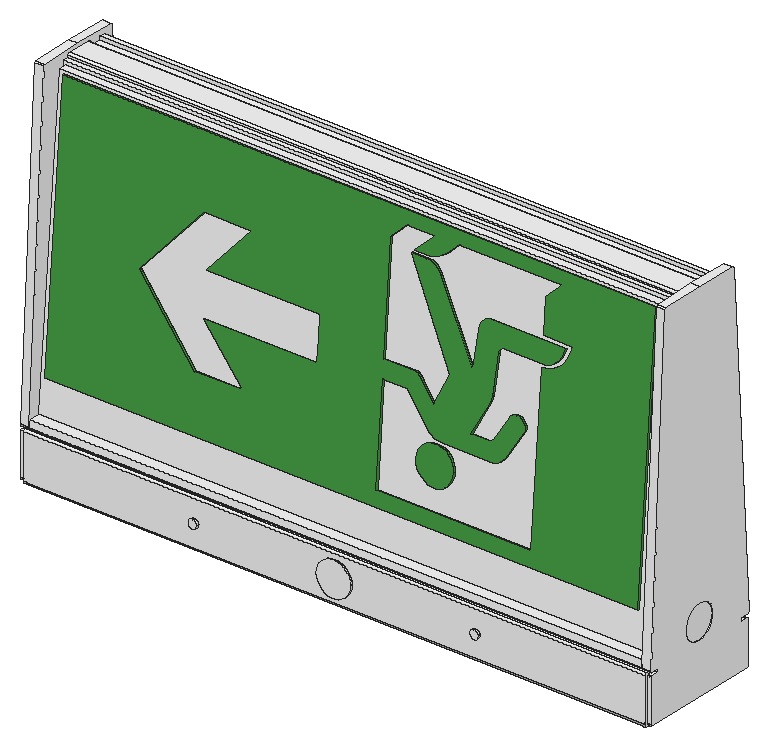
Revit family "CCFPRO-HVG_AUA02910040001", category Lighting Fixtures, host Face, Revit 2021
Family settings
  Host = Face
  Round Connector Dimension = Use Diameter
  Part Type = Normal
  Cut with Voids When Loaded = No
  Light Source = Yes
  Shared = No
  Room Calculation Point = No
Parameters (values of type "Running Man Common arrow")
  URL = "https://clevertronics.com.au/exit-lights/cleverfit-pro"
  Wattage = 0.0140351 W
  built-in parameter 1150110 = 1 (stored number, unit not read)
  built-in parameter 1150109 = 1 (stored number, unit not read)
  built-in parameter 1150134 = 4
  built-in parameter 1150113 = 1 (stored number, unit not read)
  Tilt Angle = -90.00°
  Straight line 'Face two' = no
  Straight line 'Face one' = no
  Runing Man common arrow = yes
  Photometric Web File = "ll20952 - CCFPRO-ZW (CT10622, Classification).IES"
  Model = "CCFPRO-HVG"  # constant formula
  Manufacturer = "Clevertronics"  # constant formula
  Description = "Cleverfit Pro Exit, Surface Mount, LP, Zoneworks XT Hive 2.4GHz, All Pictograms, Single or Double Sided\r\r"  # constant formula
  CreatedBy = "https://mepros-eng.com/"  # constant formula
  Clevertronics_Width = 72 mm
  Clevertronics_Weight = "2.5Kg"  # constant formula
  Clevertronics_Viewing Distance = "24m"  # constant formula
  Clevertronics_Total Lumen Output = ""
  Clevertronics_Testing System = "Zoneworks XT HIVE (RF), 2.4GHz\r"  # constant formula
  Clevertronics_Testing Node = "Hive Note : 8003560"  # constant formula
  Clevertronics_Replacement Lamp = "LED Strip : 8002710"  # constant formula
  Clevertronics_Replacement Driver = "EM Driver : 8003152"  # constant formula
  Clevertronics_Replacement Battery = "Battery : 1550105"  # constant formula
  Clevertronics_Product Description = "Cleverfit Pro Exit, Surface Mount, LP, Zoneworks XT Hive 2.4GHz, All Pictograms, Single or Double Sided\r"  # constant formula
  Clevertronics_Power Consumption = "2.8 Watts (Standby), 3.9 Watts (Max)"  # constant formula
  Clevertronics_Other Modules = ""
  Clevertronics_Operating Voltage = "240V AC; 50Hz"  # constant formula
  Clevertronics_Operating Temperature = "1˚C to 40˚C"  # constant formula
  Clevertronics_Operating Mode = "Maintained"  # constant formula
  Clevertronics_Mounting = "Wall, Ceiling Single-Sided & Ceiling Double-Sided"  # constant formula
  Clevertronics_Material = Clevertronics_Plastic
  Lumens = 0.2 lm
  built-in parameter 1114217 = 1 (stored number, unit not read)
  built-in parameter 1150115 = 1 (stored number, unit not read)
  built-in parameter 1150105 = 0.015915 (stored number, unit not read)
  built-in parameter 1150137 = 1
  built-in parameter 1150139 = (empty or 0)
  built-in parameter 1150112 = 1 (stored number, unit not read)
  built-in parameter 1150114 = 1 (stored number, unit not read)
  Lamp = "6 x Duris E2 LED, 100,000 hours\r"  # constant formula
  built-in parameter 1150132 = 2
  built-in parameter 1150102 = (empty or 0)
  built-in parameter 1150138 = (empty or 0)
  built-in parameter 1150107 = 2800 (stored number, unit not read)
  Indication Right 'Face one' = no
  Indication Right 'Face Two' = no
  Indication Left 'Face one' = no
  Indication Left 'Face Two' = yes
  built-in parameter 1150106 = 0.00015915 (stored number, unit not read)
  built-in parameter 1150104 = 1.3239 (stored number, unit not read)
  Dimming Lamp Color Temperature Shift = <None>
  Default Elevation = 1200 mm
  Color Filter = 16777215
  Clevertronics_Stacked Symbol Position [instance] = 0
  Clevertronics_MIC Number = "AUA02910040001"  # constant formula
  Clevertronics_Length = 367 mm
  Clevertronics_Inverter / Charger = ""
  Clevertronics_IP Rating = "IP20"  # constant formula
  Clevertronics_IK Rating = "N/A"  # constant formula
  Clevertronics_Height = 214 mm
  Clevertronics_Dimensions Main Enclosure = "N/A"  # constant formula
  Clevertronics_Diffuser = "All directional inserts included in the box"  # constant formula
  Clevertronics_Construction = "Fire-retardant PC/ABS Body with Polycarbonate Diffuser"  # constant formula
  Clevertronics_Charger Method = "Intelligent Current Limited Constant Voltage"  # constant formula
  Clevertronics_Battery Type = "Lithium Iron Phosphate"  # constant formula
  Clevertronics_Battery = " 3.2V 1100mAh"  # constant formula
  Clevertronics_Applicable Standards = "AS/NZS3820, CISPR15, AS/NZS2293.3"  # constant formula
  Clevertronics_Annotation Vertical Offset [instance] = 0 mm
  Clevertronics_Annotation Size = 0 mm
  Clevertronics_Annotation Horizontal Offset [instance] = 0 mm
  Clevertronics_AS2293 Classification = "C0=D3.2 C90=B16"  # constant formula
  built-in parameter 1140040 [instance] = 1
  built-in parameter 1114218 = 1 (stored number, unit not read)
  built-in parameter 1150133 = 10 (stored number, unit not read)
  Assembly Code = ""
  Apparent Load = 2.8 VA  # constant formula
Types (5, lengths in mm): name | Straight line 'Face two' | Straight line 'Face one' | Runing Man common arrow | Indication Right 'Face one' | Indication Left 'Face one' | Indication Left 'Face Two' | Clevertronics_Stacked Symbol Position
  Runing Man Single | no | yes | no | no | no | no | 0
  Running Man Common arrow | no | no | yes | no | no | yes | 0
  Runing Man Right (Single) | no | no | no | yes | no | no | 0
  Runing Man Double Sided | yes | yes | no | no | no | no | 1
  Runing Man Left (Single) | no | no | no | no | yes | no | 0
Reference planes
  plane 1 "Center (Front/Back)": y = 0
  plane 2: z = 0
  plane 3 "Center (Left/Right)": x = 0
  plane 4: y = 30
  plane 5: y = -30
Forms (mm)
  Extrusion 1, solid, material "Green Plastic", visible <- "Straight line 'Face two'"
    sketch origin (151.5, 23.091, 152.133) x (-1, 0, 0) y (0, -0.085031, 0.996378)
      loop
        line (324.238, 55.477) -> (-21.258, 55.477) -> (-21.258, -97.563) -> (324.238, -97.563) -> (324.238, 55.477)
      loop
        line (106.162, 38.99) -> (106.126, -22.755) -> (125.231, -22.755)
        arc (125.231, -22.755) -> (127.412, -24.294) -> (129.245, -26.235) r 13.397
        line (129.245, -26.235) -> (136.235, -35.299) -> (144.196, -17.828) -> (118.356, 35.115) -> (130.038, 35.115)
        arc (130.038, 35.115) -> (133.388, 33.258) -> (135.586, 30.121) r 8.525
        line (135.586, 30.121) -> (156.779, -10.746) -> (159.175, 10.24) -> (159.634, 12.405)
        arc (159.634, 12.405) -> (161.615, 15.819) -> (165.234, 17.395) r 6.331
        line (165.234, 17.395) -> (209.235, 17.395)
        arc (209.235, 17.395) -> (204.572, 8.851) -> (195.453, 5.449) r 13.923
        line (195.453, 5.449) -> (173.244, 5.449)
        arc (173.244, 5.449) -> (171.893, 4.205) -> (171.29, 2.47) r 3.773
        line (171.29, 2.47) -> (169.273, -20.242)
        arc (169.273, -20.242) -> (168.22, -23.542) -> (166.796, -26.7) r 30.217
        line (166.796, -26.7) -> (158.343, -42.898) -> (168.884, -42.898)
        arc (168.884, -42.898) -> (170.187, -42.282) -> (171.159, -41.219) r 3.731
        line (171.159, -41.219) -> (179.629, -27.297)
        arc (179.629, -27.297) -> (186.643, -25.59) -> (188.35, -32.603) r 5.104
        line (188.35, -32.603) -> (178.708, -48.45)
        arc (178.708, -48.45) -> (175.047, -51.646) -> (170.325, -52.797) r 10.257
        line (170.325, -52.797) -> (141.141, -52.797)
        arc (141.141, -52.797) -> (136.537, -51.526) -> (132.86, -48.476) r 11.376
        line (132.86, -48.476) -> (120.341, -32.569) -> (106.126, -32.569) -> (106.126, -88.969) -> (196.149, -88.969) -> (196.149, 3.188)
        arc (196.149, 3.188) -> (207.64, 8.578) -> (213.348, 19.916) r 19.42
        line (213.348, 19.916) -> (196.149, 19.916) -> (196.149, 39.281) -> (205.646, 48.505) -> (145.527, 48.505) -> (139.316, 42.315)
        arc (139.316, 42.315) -> (134.813, 39.024) -> (129.528, 37.239) r 18.338
        line (129.528, 37.239) -> (120.026, 37.239) -> (131.328, 48.204) -> (115.409, 48.204) -> (106.162, 38.99)
      loop
        circle (138.734, -65.632) r 11.018
    from 0 to 0.767
  Extrusion 2, solid, material "Green Plastic", visible <- "Straight line 'Face one'"
    sketch origin (-151.5, -22.114, 152.099) x (1, 0, 0) y (0, 0.084193, 0.996449)
      loop
        line (-21.219, 55.512) -> (-21.219, -97.531) -> (324.258, -97.531) -> (324.258, 55.512) -> (-21.219, 55.512)
      loop
        line (196.838, 38.677) -> (187.591, 47.892) -> (171.672, 47.892) -> (182.974, 36.926) -> (173.472, 36.926)
        arc (173.472, 36.926) -> (168.187, 38.711) -> (163.684, 42.002) r 18.338
        line (163.684, 42.002) -> (157.473, 48.193) -> (97.354, 48.193) -> (106.851, 38.968) -> (106.851, 19.603) -> (89.652, 19.603)
        arc (89.652, 19.603) -> (95.36, 8.266) -> (106.851, 2.876) r 19.42
        line (106.851, 2.876) -> (106.851, -89.282) -> (196.874, -89.282) -> (196.874, -32.881) -> (182.659, -32.881) -> (170.14, -48.789)
        arc (170.14, -48.789) -> (166.463, -51.838) -> (161.859, -53.11) r 11.376
        line (161.859, -53.11) -> (132.675, -53.11)
        arc (132.675, -53.11) -> (127.953, -51.958) -> (124.292, -48.762) r 10.257
        line (124.292, -48.762) -> (114.65, -32.915)
        arc (114.65, -32.915) -> (116.357, -25.902) -> (123.371, -27.61) r 5.104
        line (123.371, -27.61) -> (131.841, -41.532)
        arc (131.841, -41.532) -> (132.813, -42.595) -> (134.116, -43.21) r 3.731
        line (134.116, -43.21) -> (144.657, -43.21) -> (136.204, -27.012)
        arc (136.204, -27.012) -> (134.78, -23.855) -> (133.727, -20.555) r 30.217
        line (133.727, -20.555) -> (131.71, 2.157)
        arc (131.71, 2.157) -> (131.107, 3.892) -> (129.756, 5.137) r 3.773
        line (129.756, 5.137) -> (107.547, 5.137)
        arc (107.547, 5.137) -> (98.428, 8.539) -> (93.765, 17.082) r 13.923
        line (93.765, 17.082) -> (137.766, 17.082)
        arc (137.766, 17.082) -> (141.385, 15.506) -> (143.366, 12.092) r 6.331
        line (143.366, 12.092) -> (143.825, 9.928) -> (146.221, -11.058) -> (167.414, 29.809)
        arc (167.414, 29.809) -> (169.612, 32.945) -> (172.962, 34.802) r 8.525
        line (172.962, 34.802) -> (184.644, 34.802) -> (158.804, -18.14) -> (166.765, -35.612) -> (173.755, -26.548)
        arc (173.755, -26.548) -> (175.588, -24.607) -> (177.769, -23.068) r 13.397
        line (177.769, -23.068) -> (196.874, -23.068) -> (196.838, 38.677)
      loop
        circle (164.266, -65.945) r 11.018
    from 0 to 0.767
  Extrusion 3, solid, material "Green Plastic", visible <- "Indication Left 'Face one'"
    sketch origin (-151.5, -22.114, 152.099) x (1, 0, 0) y (0, 0.084193, 0.996449)
      loop
        line (-21.258, 55.512) -> (-21.258, -97.531) -> (324.248, -97.531) -> (324.248, 55.512) -> (-21.258, 55.512)
      loop
        line (130.588, 39.302) -> (121.341, 48.517) -> (105.422, 48.517) -> (116.724, 37.551) -> (107.222, 37.551)
        arc (107.222, 37.551) -> (101.937, 39.336) -> (97.434, 42.627) r 18.338
        line (97.434, 42.627) -> (91.223, 48.818) -> (31.104, 48.818) -> (40.601, 39.593) -> (40.601, 20.228) -> (23.402, 20.228)
        arc (23.402, 20.228) -> (29.11, 8.891) -> (40.601, 3.501) r 19.42
        line (40.601, 3.501) -> (40.601, -88.657) -> (130.624, -88.657) -> (130.624, -32.256) -> (116.409, -32.256) -> (103.89, -48.164)
        arc (103.89, -48.164) -> (100.213, -51.213) -> (95.609, -52.485) r 11.376
        line (95.609, -52.485) -> (66.425, -52.485)
        arc (66.425, -52.485) -> (61.703, -51.333) -> (58.042, -48.137) r 10.257
        line (58.042, -48.137) -> (48.4, -32.29)
        arc (48.4, -32.29) -> (50.107, -25.277) -> (57.121, -26.985) r 5.104
        line (57.121, -26.985) -> (65.591, -40.907)
        arc (65.591, -40.907) -> (66.563, -41.97) -> (67.866, -42.585) r 3.731
        line (67.866, -42.585) -> (78.407, -42.585) -> (69.954, -26.387)
        arc (69.954, -26.387) -> (68.53, -23.23) -> (67.477, -19.93) r 30.217
        line (67.477, -19.93) -> (65.46, 2.782)
        arc (65.46, 2.782) -> (64.857, 4.517) -> (63.506, 5.762) r 3.773
        line (63.506, 5.762) -> (41.297, 5.762)
        arc (41.297, 5.762) -> (32.178, 9.164) -> (27.515, 17.707) r 13.923
        line (27.515, 17.707) -> (71.516, 17.707)
        arc (71.516, 17.707) -> (75.135, 16.131) -> (77.116, 12.717) r 6.331
        line (77.116, 12.717) -> (77.575, 10.553) -> (79.971, -10.433) -> (101.164, 30.434)
        arc (101.164, 30.434) -> (103.362, 33.57) -> (106.712, 35.427) r 8.525
        line (106.712, 35.427) -> (118.394, 35.427) -> (92.554, -17.515) -> (100.515, -34.987) -> (107.505, -25.923)
        arc (107.505, -25.923) -> (109.338, -23.982) -> (111.519, -22.443) r 13.397
        line (111.519, -22.443) -> (130.624, -22.443) -> (130.588, 39.302)
      loop
        circle (98.016, -65.32) r 11.018
      loop
        line (168.473, -25) -> (168.473, -37.5) -> (234.339, -37.5) -> (210.188, -65.283) -> (237.688, -65.283) -> (272.706, -25) -> (237.688, 15.283) -> (210.188, 15.283) -> (234.339, -12.5) -> (168.473, -12.5) -> (168.473, -25)
    from 0 to 0.767
  Extrusion 4, solid, material "Green Plastic", visible <- "Indication Right 'Face one'"
    sketch origin (-151.5, -22.114, 152.099) x (1, 0, 0) y (0, 0.084193, 0.996449)
      loop
        line (324.248, 55.527) -> (-21.248, 55.527) -> (-21.248, -97.535) -> (324.248, -97.535) -> (324.248, 55.527)
      loop
        line (171.162, 38.365) -> (171.126, -23.38) -> (190.231, -23.38)
        arc (190.231, -23.38) -> (192.412, -24.919) -> (194.245, -26.86) r 13.397
        line (194.245, -26.86) -> (201.235, -35.924) -> (209.196, -18.453) -> (183.356, 34.49) -> (195.038, 34.49)
        arc (195.038, 34.49) -> (198.388, 32.633) -> (200.586, 29.496) r 8.525
        line (200.586, 29.496) -> (221.779, -11.371) -> (224.175, 9.615) -> (224.634, 11.78)
        arc (224.634, 11.78) -> (226.615, 15.194) -> (230.234, 16.77) r 6.331
        line (230.234, 16.77) -> (274.235, 16.77)
        arc (274.235, 16.77) -> (269.572, 8.226) -> (260.453, 4.824) r 13.923
        line (260.453, 4.824) -> (238.244, 4.824)
        arc (238.244, 4.824) -> (236.893, 3.58) -> (236.29, 1.845) r 3.773
        line (236.29, 1.845) -> (234.273, -20.867)
        arc (234.273, -20.867) -> (233.22, -24.167) -> (231.796, -27.325) r 30.217
        line (231.796, -27.325) -> (223.343, -43.523) -> (233.884, -43.523)
        arc (233.884, -43.523) -> (235.187, -42.907) -> (236.159, -41.844) r 3.731
        line (236.159, -41.844) -> (244.629, -27.922)
        arc (244.629, -27.922) -> (251.643, -26.215) -> (253.35, -33.228) r 5.104
        line (253.35, -33.228) -> (243.708, -49.075)
        arc (243.708, -49.075) -> (240.047, -52.271) -> (235.325, -53.422) r 10.257
        line (235.325, -53.422) -> (206.141, -53.422)
        arc (206.141, -53.422) -> (201.537, -52.151) -> (197.86, -49.101) r 11.376
        line (197.86, -49.101) -> (185.341, -33.194) -> (171.126, -33.194) -> (171.126, -89.594) -> (261.149, -89.594) -> (261.149, 2.563)
        arc (261.149, 2.563) -> (272.64, 7.953) -> (278.348, 19.291) r 19.42
        line (278.348, 19.291) -> (261.149, 19.291) -> (261.149, 38.656) -> (270.646, 47.88) -> (210.527, 47.88) -> (204.316, 41.69)
        arc (204.316, 41.69) -> (199.813, 38.399) -> (194.528, 36.614) r 18.338
        line (194.528, 36.614) -> (185.026, 36.614) -> (196.328, 47.579) -> (180.409, 47.579) -> (171.162, 38.365)
      loop
        circle (203.734, -66.257) r 11.018
      loop
        line (133.277, -25.938) -> (133.277, -13.438) -> (67.411, -13.438) -> (91.562, 14.345) -> (64.062, 14.345) -> (29.044, -25.937) -> (64.062, -66.22) -> (91.562, -66.22) -> (67.411, -38.437) -> (133.277, -38.437) -> (133.277, -25.938)
    from 0 to 0.767
  Extrusion 5, solid, material "Green Plastic", visible <- "Indication Left 'Face Two'"
    sketch origin (-151.5, 23.091, 152.133) x (1, 0, 0) y (0, 0.085031, -0.996378)
      loop
        line (324.25, -55.483) -> (324.25, 97.573) -> (-21.25, 97.573) -> (-21.25, -55.483) -> (324.25, -55.483)
      loop
        line (171.162, -38.365) -> (180.409, -47.579) -> (196.328, -47.579) -> (185.026, -36.614) -> (194.528, -36.614)
        arc (194.528, -36.614) -> (199.813, -38.399) -> (204.316, -41.69) r 18.338
        line (204.316, -41.69) -> (210.527, -47.88) -> (270.646, -47.88) -> (261.149, -38.656) -> (261.149, -19.291) -> (278.348, -19.291)
        arc (278.348, -19.291) -> (272.64, -7.953) -> (261.149, -2.563) r 19.42
        line (261.149, -2.563) -> (261.149, 89.594) -> (171.126, 89.594) -> (171.126, 33.194) -> (185.341, 33.194) -> (197.86, 49.101)
        arc (197.86, 49.101) -> (201.537, 52.151) -> (206.141, 53.422) r 11.376
        line (206.141, 53.422) -> (235.325, 53.422)
        arc (235.325, 53.422) -> (240.047, 52.271) -> (243.708, 49.075) r 10.257
        line (243.708, 49.075) -> (253.35, 33.228)
        arc (253.35, 33.228) -> (251.643, 26.215) -> (244.629, 27.922) r 5.104
        line (244.629, 27.922) -> (236.159, 41.844)
        arc (236.159, 41.844) -> (235.187, 42.907) -> (233.884, 43.523) r 3.731
        line (233.884, 43.523) -> (223.343, 43.523) -> (231.796, 27.325)
        arc (231.796, 27.325) -> (233.22, 24.167) -> (234.273, 20.867) r 30.217
        line (234.273, 20.867) -> (236.29, -1.845)
        arc (236.29, -1.845) -> (236.893, -3.58) -> (238.244, -4.824) r 3.773
        line (238.244, -4.824) -> (260.453, -4.824)
        arc (260.453, -4.824) -> (269.572, -8.226) -> (274.235, -16.77) r 13.923
        line (274.235, -16.77) -> (230.234, -16.77)
        arc (230.234, -16.77) -> (226.615, -15.194) -> (224.634, -11.78) r 6.331
        line (224.634, -11.78) -> (224.175, -9.615) -> (221.779, 11.371) -> (200.586, -29.496)
        arc (200.586, -29.496) -> (198.388, -32.633) -> (195.038, -34.49) r 8.525
        line (195.038, -34.49) -> (183.356, -34.49) -> (209.196, 18.453) -> (201.235, 35.924) -> (194.245, 26.86)
        arc (194.245, 26.86) -> (192.412, 24.919) -> (190.231, 23.38) r 13.397
        line (190.231, 23.38) -> (171.126, 23.38) -> (171.162, -38.365)
      loop
        circle (203.734, 66.257) r 11.018
      loop
        line (133.277, 25.938) -> (133.277, 38.437) -> (67.411, 38.437) -> (91.562, 66.22) -> (64.062, 66.22) -> (29.044, 25.938) -> (64.062, -14.345) -> (91.562, -14.345) -> (67.411, 13.438) -> (133.277, 13.438) -> (133.277, 25.938)
    from 0 to 0.767
  Extrusion 6, solid, material "Green Plastic", visible <- "Runing Man common arrow"
    sketch origin (-151.5, -22.114, 152.099) x (1, 0, 0) y (0, 0.084193, 0.996449)
      loop
        line (324.25, 55.512) -> (-21.258, 55.512) -> (-21.258, -97.531) -> (324.25, -97.531) -> (324.25, 55.512)
      loop
        line (171.162, 38.99) -> (171.126, -22.755) -> (190.231, -22.755)
        arc (190.231, -22.755) -> (192.412, -24.294) -> (194.245, -26.235) r 13.397
        line (194.245, -26.235) -> (201.235, -35.299) -> (209.196, -17.828) -> (183.356, 35.115) -> (195.038, 35.115)
        arc (195.038, 35.115) -> (198.388, 33.258) -> (200.586, 30.121) r 8.525
        line (200.586, 30.121) -> (221.779, -10.746) -> (224.175, 10.24) -> (224.634, 12.405)
        arc (224.634, 12.405) -> (226.615, 15.819) -> (230.234, 17.395) r 6.331
        line (230.234, 17.395) -> (274.235, 17.395)
        arc (274.235, 17.395) -> (269.572, 8.851) -> (260.453, 5.449) r 13.923
        line (260.453, 5.449) -> (238.244, 5.449)
        arc (238.244, 5.449) -> (236.893, 4.205) -> (236.29, 2.47) r 3.773
        line (236.29, 2.47) -> (234.273, -20.242)
        arc (234.273, -20.242) -> (233.22, -23.542) -> (231.796, -26.7) r 30.217
        line (231.796, -26.7) -> (223.343, -42.898) -> (233.884, -42.898)
        arc (233.884, -42.898) -> (235.187, -42.282) -> (236.159, -41.219) r 3.731
        line (236.159, -41.219) -> (244.629, -27.297)
        arc (244.629, -27.297) -> (251.643, -25.59) -> (253.35, -32.603) r 5.104
        line (253.35, -32.603) -> (243.708, -48.45)
        arc (243.708, -48.45) -> (240.047, -51.646) -> (235.325, -52.797) r 10.257
        line (235.325, -52.797) -> (206.141, -52.797)
        arc (206.141, -52.797) -> (201.537, -51.526) -> (197.86, -48.476) r 11.376
        line (197.86, -48.476) -> (185.341, -32.569) -> (171.126, -32.569) -> (171.126, -88.969) -> (261.149, -88.969) -> (261.149, 3.188)
        arc (261.149, 3.188) -> (272.64, 8.578) -> (278.348, 19.916) r 19.42
        line (278.348, 19.916) -> (261.149, 19.916) -> (261.149, 39.281) -> (270.646, 48.505) -> (210.527, 48.505) -> (204.316, 42.315)
        arc (204.316, 42.315) -> (199.813, 39.024) -> (194.528, 37.239) r 18.338
        line (194.528, 37.239) -> (185.026, 37.239) -> (196.328, 48.204) -> (180.409, 48.204) -> (171.162, 38.99)
      loop
        circle (203.734, -65.632) r 11.018
      loop
        line (133.277, -25.313) -> (133.277, -12.813) -> (67.411, -12.813) -> (91.562, 14.97) -> (64.062, 14.97) -> (29.044, -25.312) -> (64.062, -65.595) -> (91.562, -65.595) -> (67.411, -37.812) -> (133.277, -37.812) -> (133.277, -25.313)
    from 0 to 0.767
  Extrusion 7, solid, material "Plastic - Polycarbonate - White"
    sketch origin (0, 0, -1) x (0, 1, 0) y (0, 0, 1)
      loop
        line (30, 28) -> (30, 27) -> (34.5, 27)
        arc (34.5, 27) -> (34.854, 26.854) -> (35, 26.5) r 0.5
        line (35, 26.5) -> (35, 1.5)
        arc (35, 1.5) -> (34.854, 1.146) -> (34.5, 1) r 0.5
        line (34.5, 1) -> (-34.5, 1)
        arc (-34.5, 1) -> (-34.854, 1.146) -> (-35, 1.5) r 0.5
        line (-35, 1.5) -> (-35, 26.5)
        arc (-35, 26.5) -> (-34.854, 26.854) -> (-34.5, 27) r 0.5
        line (-34.5, 27) -> (-30, 27) -> (-30, 28) -> (-35, 28)
        arc (-35, 28) -> (-35.707, 27.707) -> (-36, 27) r 1
        line (-36, 27) -> (-36, 1)
        arc (-36, 1) -> (-35.707, 0.293) -> (-35, 0) r 1
        line (-35, 0) -> (35, 0)
        arc (35, 0) -> (35.707, 0.293) -> (36, 1) r 1
        line (36, 1) -> (36, 27)
        arc (36, 27) -> (35.707, 27.707) -> (35, 28) r 1
        line (35, 28) -> (30, 28)
    from -181 to 181
  Extrusion 8, solid, material "Plastic - Polycarbonate - White"
    sketch origin (0, 0, -1) x (0, 1, 0) y (0, 0, 1)
      loop
        line (35, 1.5) -> (35, 26.5)
        arc (35, 26.5) -> (34.854, 26.854) -> (34.5, 27) r 0.5
        line (34.5, 27) -> (30, 27) -> (30, 29) -> (35, 29) -> (35.588, 29.809) -> (24.956, 213.751) -> (24.297, 214.365) -> (0, 215) -> (-24.297, 214.365) -> (-24.956, 213.751) -> (-35.588, 29.809) -> (-35, 29) -> (-30, 29) -> (-30, 27) -> (-34.5, 27)
        arc (-34.5, 27) -> (-34.854, 26.854) -> (-35, 26.5) r 0.5
        line (-35, 26.5) -> (-35, 1.5)
        arc (-35, 1.5) -> (-34.854, 1.146) -> (-34.5, 1) r 0.5
        line (-34.5, 1) -> (34.5, 1)
        arc (34.5, 1) -> (34.854, 1.146) -> (35, 1.5) r 0.5
    from -183.5 to -178.5
  Extrusion 9, solid, material "Plastic - Polycarbonate - White"
    sketch origin (0, 0, -1) x (0, 1, 0) y (0, 0, 1)
      loop
        line (35, 1.5) -> (35, 26.5)
        arc (35, 26.5) -> (34.854, 26.854) -> (34.5, 27) r 0.5
        line (34.5, 27) -> (30, 27) -> (30, 29) -> (35, 29) -> (35.588, 29.809) -> (25.039, 213.646) -> (24.297, 214.365) -> (0, 215) -> (-24.297, 214.365) -> (-25.039, 213.646) -> (-35.588, 29.809) -> (-35, 29) -> (-30, 29) -> (-30, 27) -> (-34.5, 27)
        arc (-34.5, 27) -> (-34.854, 26.854) -> (-35, 26.5) r 0.5
        line (-35, 26.5) -> (-35, 1.5)
        arc (-35, 1.5) -> (-34.854, 1.146) -> (-34.5, 1) r 0.5
        line (-34.5, 1) -> (34.5, 1)
        arc (34.5, 1) -> (34.854, 1.146) -> (35, 1.5) r 0.5
    from 178.5 to 183.5
  Extrusion 10, solid, material "Clevertronics_Plastic"
    sketch origin (0, 0, -1) x (0, 1, 0) y (0, 0, 1)
      loop
        line (31.631, 35.306) -> (16.897, 213) -> (13.89, 213) -> (13.89, 210.956) -> (7.831, 210.426) -> (7.831, 35.306) -> (31.631, 35.306)
    from -176.5 to 176.5
  Extrusion 11, solid, material "Plastic - Polycarbonate - White"
    sketch origin (0, 0, -1) x (0, 1, 0) y (0, 0, 1)
      loop
        line (35, 29) -> (35.588, 29.809) -> (35.231, 34) -> (7.831, 34) -> (7.831, 212)
        arc (7.831, 212) -> (7.538, 212.707) -> (6.831, 213) r 1
        line (6.831, 213) -> (-6.831, 213)
        arc (-6.831, 213) -> (-7.538, 212.707) -> (-7.831, 212) r 1
        line (-7.831, 212) -> (-7.831, 34) -> (-35.231, 34) -> (-35.588, 29.809) -> (-35, 29) -> (35, 29)
    from -178.5 to 178.5
  Extrusion 12, solid, material "Plastic - Polycarbonate - White"
    sketch origin (0, 0, -1) x (0, 1, 0) y (0, 0, 1)
      loop
        line (-7.831, 211) -> (-10.831, 211) -> (-25.331, 35.306) -> (-7.831, 35.306) -> (-7.831, 211)
    from -178.5 to 178.5
  Extrusion 13, solid, material "Clevertronics_Plastic"
    sketch origin (0, 0, -1) x (0, 1, 0) y (0, 0, 1)
      loop
        line (-10.988, 209.104) -> (-15.815, 209.104) -> (-30.604, 35.306) -> (-25.331, 35.306) -> (-10.988, 209.104)
    from -176.5 to 178.5
  Extrusion 14, solid, material "Plastic - Polycarbonate - White"
    sketch origin (0, 0, -1) x (1, 0, 0) y (0, 0, 1)
      loop
        circle (82, 14) r 5
      loop
        circle (-82, 14) r 5
    from -37 to -36
  Extrusion 15, solid, material "Plastic - Polycarbonate - White"
    sketch origin (0, 0, -1) x (1, 0, 0) y (0, 0, 1)
      loop
        circle (-82, 14) r 2.5
      loop
        circle (82, 14) r 2.5
      loop
        circle (0, 14) r 10
    from 36 to 37
  Extrusion 16, void
    sketch origin (7.5, 9, -1) x (1, 0, 0) y (0, 0, 1)
      loop
        line (136, 19) -> (131, 19) -> (131, 9) -> (136, 9) -> (136, 19)
    from -37 to -26
  Blend 17, void
    base sketch origin (-2.5, 0, -1) x (0, 1, 0) y (0, 0, 1)
      loop
        circle (0, 40) r 8
    top sketch origin (-2.5, 0, -1) x (0, 1, 0) y (0, 0, 1)
      loop
        circle (0, 40) r 9
    from 182.5 to 183.5
  Extrusion 18, solid, material "Default"
    sketch origin (-1.989, 0, -1) x (0, 1, 0) y (0, 0, 1)
      loop
        circle (0, 40) r 9.5
    from 181 to 183.5
  Extrusion 19, void
    sketch origin (1.5, 0, -1) x (0, 1, 0) y (0, 0, 1)
      loop
        circle (0, 40) r 10
    from 181 to 183.5
Cuts and joins
  Extrusion 16 cuts Extrusion 7
  Blend 17, Extrusion 19 cuts Extrusion 9
  Extrusion 19 cuts Extrusion 18
Lines and regions (mm)
  model lines, style "Face Indication", visible <- "Straight line 'Face two'", detail levels coarse+medium
    curve 1: line (-323.489, 195, 0) -> (326.511, 195, 0)
  model lines, style "Face Indication", visible <- "Straight line 'Face one'", detail levels coarse+medium
    curve 2: line (-323.489, -195, 0) -> (326.511, -195, 0)
  model lines, style "Face Indication", visible <- "Indication Right 'Face Two'", detail levels coarse+medium
    curve 3: line (-323.489, 195, 0) -> (326.511, 195, 0)
  model lines, style "Face Indication", visible <- "Indication Right 'Face one'", detail levels coarse+medium
    curve 4: line (-323.489, -195, 0) -> (326.511, -195, 0)
  model lines, style "Face Indication", visible <- "Indication Left 'Face Two'", detail levels coarse+medium
    curve 5: line (-323.489, 195, 0) -> (326.511, 195, 0)
  model lines, style "Face Indication", visible <- "Indication Left 'Face one'", detail levels coarse+medium
    curve 6: line (-323.489, -195, 0) -> (326.511, -195, 0)
  model lines, style "Face Indication", visible <- "Runing Man common arrow", detail levels coarse+medium
    curve 7: line (-323.489, 195, 0) -> (326.511, 195, 0)
    curve 8: line (-323.489, -195, 0) -> (326.511, -195, 0)
Dimensions and locks
  locked: Extrusion 13 sketch curve to Extrusion 12 at 1.896
  Extrusion 16 sketch curve to Extrusion 16 sketch curve = 5 mm
  locked: Extrusion 16 sketch curve to Extrusion 16 sketch curve at 5
  Extrusion 16 sketch curve to Extrusion 16 sketch curve = 10 mm
  locked: Extrusion 16 sketch curve to Extrusion 16 sketch curve at 10
  aligned and locked: host face to plane 2
  aligned and locked: host face to level
  aligned and locked: Extrusion 7 sketch curve to plane 4
  aligned and locked: plane 5 to Extrusion 7 sketch curve
  aligned and locked: Extrusion 8 sketch curve to Extrusion 7  (x2)
Nested families
  nested 1: "Symbol Right Indication" at (0, 0, 3956.795) x (1, 0, 0) z (0, 0, -1), visible <- "Indication Right 'Face one'", type "Symbol Right Indication", detail levels coarse+medium
  nested 2: "Symbol Left Indication" at (0, 0, 3956.795) x (1, 0, 0) z (0, 0, -1), visible <- "Indication Left 'Face one'", type "Symbol Left Indication", detail levels coarse+medium
  nested 3: "Symbol straight line Indication" at (0, 0, 3956.795) x (1, 0, 0) z (0, 0, -1), visible <- "Straight line 'Face two'", type "Symbol straight line Indication", detail levels coarse+medium
  nested 4: "Symbol straight line Indication" at (0, 0, 3956.795) x (1, 0, 0) z (0, 0, -1), visible <- "Straight line 'Face one'", type "Symbol straight line Indication", detail levels coarse+medium
  nested 5: "Symbol Left Indication" at (0, 0, 3956.795) x (1, 0, 0) z (0, 0, -1), visible <- "Indication Left 'Face Two'", type "Symbol Left Indication", detail levels coarse+medium
  nested 6: "Symbol Right Indication" at (0, 0, 3956.795) x (1, 0, 0) z (0, 0, -1), visible <- "Indication Right 'Face Two'", type "Symbol Right Indication", detail levels coarse+medium
  nested 7: "Symbol Left Indication" at (0, 0, 3956.795) x (1, 0, 0) z (0, 0, -1), visible <- "Runing Man common arrow", type "Symbol Left Indication", detail levels coarse+medium
Connectors
  electrical at (0, 0, -1)
    settings: on cut or joined group of Extrusion 7, Extrusion 16, index 1, voltage 240 V, apparent load 0 VA, apparent load phase1 240 VA, apparent load phase2 0 VA, apparent load phase3 0 VA, power factor 1, load classification "Autre", number of poles 1, system type 31, power factor state 1, is connector primary yes, connector utility no, sub classification motor no, connector description ""
Definition of nested family "Symbol Right Indication"
  Reference planes
    plane 1 "Center (Front/Back)": y = 0
    plane 2: z = 0
    plane 3 "Center (Left/Right)": x = 0
    plane 4: x = -325.152, in view "Ref. Level"
    plane 5: x = 325.152, in view "Ref. Level"
    plane 6: y = 173.449, in view "Ref. Level"
    plane 7: y = -173.449, in view "Ref. Level"
  Lines and regions (mm)
    Filled region 1, type "Plastic Grün", in view "Ref. Level"
      outline origin (0, 0, 0) x (1, 0, 0) y (0, 1, 0)
        loop
          line (-325.152, 173.449) -> (-325.152, -173.449) -> (325.152, -173.449) -> (325.152, 173.449) -> (-325.152, 173.449)
        loop
          line (-248.707, 129.511) -> (-248.707, -50)
          arc (-248.707, -50) -> (-276.284, -61.423) -> (-287.707, -89) r 39
          line (-287.707, -89) -> (-248.707, -89) -> (-248.707, -130) -> (-270.627, -151.92) -> (-131.627, -151.92) -> (-106.171, -126.464) -> (-76.171, -126.464) -> (-101.627, -151.92) -> (-62.627, -151.92) -> (-40.707, -130) -> (-40.707, 9.511) -> (-78.707, 9.511)
          arc (-78.707, 9.511) -> (-86.697, 12.637) -> (-93.539, 17.816) r 31.304
          line (-93.539, 17.816) -> (-111.923, 36.2)
          arc (-111.923, 36.2) -> (-114.899, 38.096) -> (-117.875, 36.2) r 3.284
          line (-117.875, 36.2) -> (-132.667, 4.48)
          arc (-132.667, 4.48) -> (-133.805, 0.231) -> (-132.667, -4.017) r 8.497
          line (-132.667, -4.017) -> (-67.667, -116.601) -> (-94.667, -116.601)
          arc (-94.667, -116.601) -> (-102.738, -113.797) -> (-107.333, -106.593) r 13.019
          line (-107.333, -106.593) -> (-157.333, -19.991)
          arc (-157.333, -19.991) -> (-159.41, -18.791) -> (-161.488, -19.991) r 2.399
          line (-161.488, -19.991) -> (-164.906, -68.871)
          arc (-164.906, -68.871) -> (-167.873, -76.033) -> (-175.035, -79) r 10.129
          line (-175.035, -79) -> (-272.707, -79)
          arc (-272.707, -79) -> (-265.678, -62.029) -> (-248.707, -55) r 24
          line (-248.707, -55) -> (-195.707, -55)
          arc (-195.707, -55) -> (-192.663, -50.733) -> (-191.351, -45.659) r 14.38
          line (-191.351, -45.659) -> (-188.561, -5.756)
          arc (-188.561, -5.756) -> (-187.442, 4.309) -> (-185.503, 14.25) r 123.737
          line (-185.503, 14.25) -> (-168.598, 50.502) -> (-197.598, 50.502) -> (-207.269, 14.41)
          arc (-207.269, 14.41) -> (-220.129, 6.986) -> (-227.553, 19.846) r 10.5
          line (-227.553, 19.846) -> (-215.906, 63.312)
          arc (-215.906, 63.312) -> (-211.908, 69.258) -> (-205.103, 71.502) r 11.051
          line (-205.103, 71.502) -> (-140.103, 71.502)
          arc (-140.103, 71.502) -> (-119.382, 69.488) -> (-101.698, 58.502) r 45.756
          line (-101.698, 58.502) -> (-72.707, 29.511) -> (-40.707, 29.511) -> (-40.707, 129.511) -> (-248.707, 129.511)
        loop
          circle (-117.138, 97.887) r 20
        loop
          line (40.232, 30) -> (40.232, -30) -> (172.232, -30) -> (105.057, -97.175) -> (188.057, -97.175) -> (285.232, 0) -> (188.057, 97.175) -> (105.057, 97.175) -> (172.232, 30) -> (40.232, 30)
  Dimensions and locks
    plane 6 to plane 7 = 346.899 mm
    plane 4 to plane 5 = 650.305 mm
    equal spacing: plane 6, plane 1 "Center (Front/Back)", plane 7
    equal spacing: plane 4, plane 3 "Center (Left/Right)", plane 5
Definition of nested family "Symbol Left Indication"
  Reference planes
    plane 1 "Center (Front/Back)": y = 0
    plane 2: z = 0
    plane 3 "Center (Left/Right)": x = 0
    plane 4: x = 325.152, in view "Ref. Level"
    plane 5: x = -325.152, in view "Ref. Level"
    plane 6: y = 173.449, in view "Ref. Level"
    plane 7: y = -173.449, in view "Ref. Level"
  Lines and regions (mm)
    Filled region 1, type "Plastic Grün", in view "Ref. Level"
      outline origin (0, 0, 0) x (0, 1, 0) y (-1, 0, 0)
        loop
          line (173.449, -325.152) -> (173.449, 325.152) -> (-173.449, 325.152) -> (-173.449, -325.152) -> (173.449, -325.152)
        loop
          line (129.511, -248.707) -> (129.511, -40.707) -> (29.511, -40.707) -> (29.511, -72.707) -> (58.502, -101.698)
          arc (58.502, -101.698) -> (69.488, -119.382) -> (71.502, -140.103) r 45.756
          line (71.502, -140.103) -> (71.502, -205.103)
          arc (71.502, -205.103) -> (69.258, -211.908) -> (63.312, -215.906) r 11.051
          line (63.312, -215.906) -> (19.846, -227.553)
          arc (19.846, -227.553) -> (6.986, -220.129) -> (14.41, -207.269) r 10.5
          line (14.41, -207.269) -> (50.502, -197.598) -> (50.502, -168.598) -> (14.25, -185.503)
          arc (14.25, -185.503) -> (4.309, -187.442) -> (-5.756, -188.561) r 123.737
          line (-5.756, -188.561) -> (-45.659, -191.351)
          arc (-45.659, -191.351) -> (-50.733, -192.663) -> (-55, -195.707) r 14.38
          line (-55, -195.707) -> (-55, -248.707)
          arc (-55, -248.707) -> (-62.029, -265.678) -> (-79, -272.707) r 24
          line (-79, -272.707) -> (-79, -175.035)
          arc (-79, -175.035) -> (-76.033, -167.873) -> (-68.871, -164.906) r 10.129
          line (-68.871, -164.906) -> (-19.991, -161.488)
          arc (-19.991, -161.488) -> (-18.791, -159.41) -> (-19.991, -157.333) r 2.399
          line (-19.991, -157.333) -> (-106.593, -107.333)
          arc (-106.593, -107.333) -> (-113.797, -102.738) -> (-116.601, -94.667) r 13.019
          line (-116.601, -94.667) -> (-116.601, -67.667) -> (-4.017, -132.667)
          arc (-4.017, -132.667) -> (0.231, -133.805) -> (4.48, -132.667) r 8.497
          line (4.48, -132.667) -> (36.2, -117.875)
          arc (36.2, -117.875) -> (38.096, -114.899) -> (36.2, -111.923) r 3.284
          line (36.2, -111.923) -> (17.816, -93.539)
          arc (17.816, -93.539) -> (12.637, -86.697) -> (9.511, -78.707) r 31.304
          line (9.511, -78.707) -> (9.511, -40.707) -> (-130, -40.707) -> (-151.92, -62.627) -> (-151.92, -101.627) -> (-126.464, -76.171) -> (-126.464, -106.171) -> (-151.92, -131.627) -> (-151.92, -270.627) -> (-130, -248.707) -> (-89, -248.707) -> (-89, -287.707)
          arc (-89, -287.707) -> (-61.423, -276.284) -> (-50, -248.707) r 39
          line (-50, -248.707) -> (129.511, -248.707)
        loop
          circle (97.887, -117.138) r 20
        loop
          line (30, 40.232) -> (30, 172.232) -> (97.175, 105.057) -> (97.175, 188.057) -> (0, 285.232) -> (-97.175, 188.057) -> (-97.175, 105.057) -> (-30, 172.232) -> (-30, 40.232) -> (30, 40.232)
  Dimensions and locks
    plane 6 to plane 7 = 346.899 mm  (x2)
    plane 4 to plane 5 = 650.305 mm  (x2)
Definition of nested family "Symbol straight line Indication"
  Reference planes
    plane 1 "Center (Front/Back)": y = 0
    plane 2: z = 0
    plane 3 "Center (Left/Right)": x = 0
    plane 4: x = -325.152, in view "Ref. Level"
    plane 5: x = 325.152, in view "Ref. Level"
    plane 6: y = 173.449, in view "Ref. Level"
    plane 7: y = -173.449, in view "Ref. Level"
  Lines and regions (mm)
    Filled region 1, type "Plastic Grün", in view "Ref. Level"
      outline origin (0, 0, 0) x (1, 0, 0) y (0, 1, 0)
        loop
          line (-325.152, 173.449) -> (-325.152, -173.449) -> (325.152, -173.449) -> (325.152, 173.449) -> (-325.152, 173.449)
        loop
          line (-104, 129.511) -> (-104, -50)
          arc (-104, -50) -> (-131.577, -61.423) -> (-143, -89) r 39
          line (-143, -89) -> (-104, -89) -> (-104, -130) -> (-125.92, -151.92) -> (13.08, -151.92) -> (38.536, -126.464) -> (68.536, -126.464) -> (43.08, -151.92) -> (82.08, -151.92) -> (104, -130) -> (104, 9.511) -> (66, 9.511)
          arc (66, 9.511) -> (58.01, 12.637) -> (51.168, 17.816) r 31.304
          line (51.168, 17.816) -> (32.784, 36.2)
          arc (32.784, 36.2) -> (29.808, 38.096) -> (26.832, 36.2) r 3.284
          line (26.832, 36.2) -> (12.04, 4.48)
          arc (12.04, 4.48) -> (10.902, 0.231) -> (12.04, -4.017) r 8.497
          line (12.04, -4.017) -> (77.04, -116.601) -> (50.04, -116.601)
          arc (50.04, -116.601) -> (41.969, -113.797) -> (37.374, -106.593) r 13.019
          line (37.374, -106.593) -> (-12.626, -19.991)
          arc (-12.626, -19.991) -> (-14.703, -18.791) -> (-16.781, -19.991) r 2.399
          line (-16.781, -19.991) -> (-20.199, -68.871)
          arc (-20.199, -68.871) -> (-23.166, -76.033) -> (-30.328, -79) r 10.129
          line (-30.328, -79) -> (-128, -79)
          arc (-128, -79) -> (-120.971, -62.029) -> (-104, -55) r 24
          line (-104, -55) -> (-51, -55)
          arc (-51, -55) -> (-47.956, -50.733) -> (-46.644, -45.659) r 14.38
          line (-46.644, -45.659) -> (-43.854, -5.756)
          arc (-43.854, -5.756) -> (-42.735, 4.309) -> (-40.796, 14.25) r 123.737
          line (-40.796, 14.25) -> (-23.891, 50.502) -> (-52.891, 50.502) -> (-62.562, 14.41)
          arc (-62.562, 14.41) -> (-75.422, 6.986) -> (-82.846, 19.846) r 10.5
          line (-82.846, 19.846) -> (-71.199, 63.312)
          arc (-71.199, 63.312) -> (-67.201, 69.258) -> (-60.396, 71.502) r 11.051
          line (-60.396, 71.502) -> (4.604, 71.502)
          arc (4.604, 71.502) -> (25.325, 69.488) -> (43.009, 58.502) r 45.756
          line (43.009, 58.502) -> (72, 29.511) -> (104, 29.511) -> (104, 129.511) -> (-104, 129.511)
        loop
          circle (27.569, 97.887) r 20
  Dimensions and locks
    plane 6 to plane 7 = 346.899 mm
    plane 4 to plane 5 = 650.305 mm
    equal spacing: plane 6, plane 1 "Center (Front/Back)", plane 7
    equal spacing: plane 4, plane 3 "Center (Left/Right)", plane 5
